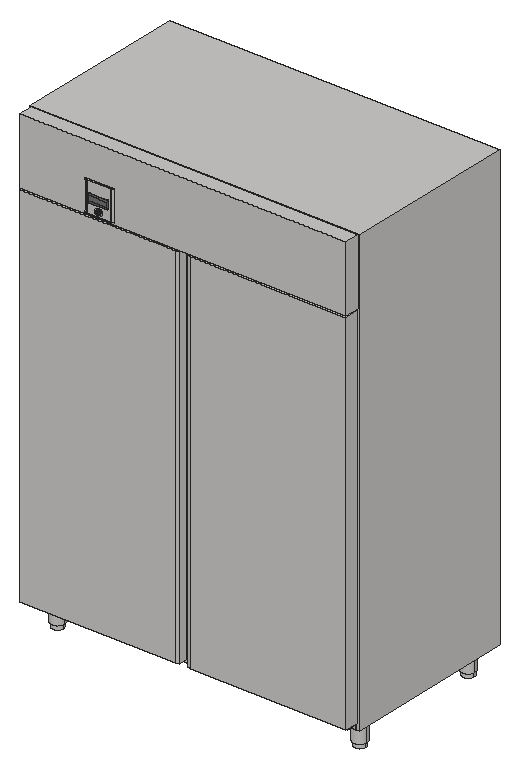
Revit family "QF_ELECTROLUXPROFESSIONAL_725394_REX142FFH", category Specialty Equipment, Revit 2018
Family settings
  Round Connector Dimension = Use Diameter
  Part Type = Normal
  Work Plane-Based = No
  Always vertical = Yes
  Cut with Voids When Loaded = No
  Shared = No
  Room Calculation Point = No
Parameters (values of type "Standard")
  Weight = 210.00 kg
  Watts = 0 W
  Volts = 220 V
  URL Manufacturer = "http://professional.electrolux.com"
  URL = "http://professional.electrolux.com"
  Steam Supply Size = 0 mm
  Steam Supply Minimum Pressure = 0.0 Pa
  Steam Supply Maximum Pressure = 0.0 Pa
  Steam Pounds per Hour = 0
  Refrigeration Suction Line Size = 0 mm
  Refrigeration Liquid Line Size = 0 mm
  Refrigerant Compressor Remote = yes
  Manufacturer = "Electrolux Professional"
  Phase = 1
  Model = "REX142FFH"
  Length Actual = 1441 mm  # constant formula
  Item Number = "725394"
  Hot Water Size = 0 mm
  Height Actual = 2050 mm  # constant formula
  HP = "0.9 HP"
  Gas Size = 0 mm
  Gas KW = 0
  Gas Input Pressure = 0 W
  Direct Waste Size = 0 mm
  Description = "2-DOOR FREEZER 1430L -22-15°C, DIGITAL WITH LIGHT, A304-R290"
  Depth Actual = 835 mm  # constant formula
  Cycle = 50 Hz
  Condensate Return Size = 0 mm
  Compressed Air Volume = 0.0 L/s
  Compressed Air Size = 0 mm
  Compressed Air Pressure = 0.0 Pa
  Cold Water Size = 0 mm
  Accessory = yes
Reference planes
  plane 1 "Center (Front/Back)": y = 0
  plane 2: z = 0
  plane 3 "Center (Left/Right)": x = 0
  plane 4 "BASE": z = 110
  plane 5 "TOP": z = 2050
  plane 6 "FRONT": y = -417.5
  plane 7 "BACK": y = 417.5
  plane 8 "LEFT": x = -720.5
  plane 9 "RIGHT": x = 720.5
Forms (mm)
  Extrusion 1, solid, material "QF_Finishes_Stainless Steel"
    sketch origin (0, 0, 0) x (1, 0, 0) y (0, 1, 0)
      loop
        circle (-643.5, 344.5) r 25
      loop
        circle (643.5, 344.5) r 25
      loop
        circle (-660.5, -269.5) r 25
      loop
        circle (660.5, -269.5) r 25
      loop
        circle (0, -121) r 25
    from 0 to 20
  Extrusion 2, solid, material "QF_Finishes_Stainless Steel"
    sketch origin (0, 0, 0) x (1, 0, 0) y (0, 1, 0)
      loop
        circle (-643.5, 344.5) r 30
      loop
        circle (643.5, 344.5) r 30
      loop
        circle (660.5, -269.5) r 30
      loop
        circle (-660.5, -269.5) r 30
      loop
        circle (0, -121) r 30
    from 20 to 110
  Extrusion 3, solid, material "QF_Finishes_Stainless Steel"
    sketch origin (0, 0, 110) x (-1, 0, 0) y (0, -1, 0)
      loop
        line (720.5, -417.5) -> (720.5, 345.5) -> (-720.5, 345.5) -> (-720.5, -417.5) -> (720.5, -417.5)
    from 0 to 1940
  Extrusion 4, solid
    sketch origin (0, 417.5, 1685) x (-1, 0, 0) y (0, 0, 1)
      loop
        circle (704.5, 124) r 10
    from 0 to 3.2
  Extrusion 5, solid, material "QF_Door-Drawer Clearances", detail levels coarse
    sketch origin (0, 0, 110) x (-1, 0, 0) y (0, -1, 0)
      loop
        line (-712.5, 409.5) -> (-648.5, 409.5) -> (-648.5, 1006.5) -> (-666.5, 1006.5) -> (-666.5, 1024.5) -> (-688.5, 1024.5) -> (-688.5, 1062.5) -> (-712.5, 1062.5) -> (-712.5, 409.5)
    from 1642.965 to 28
  Extrusion 6, solid, material "QF_Door-Drawer Clearances", detail levels coarse
    sketch origin (0, 0, 110) x (-1, 0, 0) y (0, -1, 0)
      loop
        line (-648.5, 409.5) -> (0, 409.5)
        arc (0, 409.5) -> (-211.9, 875.546) -> (-688.5, 1062.5) r 681.392
        line (-688.5, 1062.5) -> (-688.5, 1024.5) -> (-666.5, 1024.5) -> (-666.5, 1006.5) -> (-648.5, 1006.5) -> (-648.5, 409.5)
    from 1642.965 to 28
  Extrusion 7, solid, material "QF_Clearances", detail levels coarse
    sketch origin (0, 0, 110) x (-1, 0, 0) y (0, -1, 0)
      loop
        line (720.5, 417.5) -> (720.5, -417.5) -> (-720.5, -417.5) -> (-720.5, 417.5) -> (-750.5, 417.5) -> (-750.5, -447.5) -> (750.5, -447.5) -> (750.5, 417.5) -> (720.5, 417.5)
    from -110 to 1940
  Extrusion 8, solid, material "QF_Clearances", detail levels coarse
    sketch origin (0, 0, 2050) x (-1, 0, 0) y (0, -1, 0)
      loop
        line (750.5, -447.5) -> (750.5, 417.5) -> (-750.5, 417.5) -> (-750.5, -447.5) -> (750.5, -447.5)
    from 0 to 500
  Extrusion 9, void
    sketch origin (0, 417.5, 0) x (-1, 0, 0) y (0, 0, 1)
      loop
        line (645.5, 1724) -> (430, 1724) -> (430, 1695) -> (-430, 1695) -> (-430, 1724) -> (-645.5, 1724) -> (-645.5, 180) -> (-322.75, 170.906) -> (0, 180) -> (322.75, 170.906) -> (645.5, 180) -> (645.5, 1724)
    from -56 to -763
  Extrusion 10, solid, material "QF_Door-Drawer Clearances", detail levels coarse
    sketch origin (0, 0, 110) x (1, 0, 0) y (0, 1, 0)
      loop
        line (-712.5, -409.5) -> (-712.5, -1062.5) -> (-688.5, -1062.5) -> (-688.5, -1024.5) -> (-666.5, -1024.5) -> (-666.5, -1006.5) -> (-648.5, -1006.5) -> (-648.5, -409.5) -> (-712.5, -409.5)
    from 1642.965 to 28
  Extrusion 11, solid, material "QF_Door-Drawer Clearances", detail levels coarse
    sketch origin (0, 0, 110) x (1, 0, 0) y (0, 1, 0)
      loop
        line (-648.5, -409.5) -> (-648.5, -1006.5) -> (-666.5, -1006.5) -> (-666.5, -1024.5) -> (-688.5, -1024.5) -> (-688.5, -1062.5)
        arc (-688.5, -1062.5) -> (-211.9, -875.546) -> (0, -409.5) r 681.392
        line (0, -409.5) -> (-648.5, -409.5)
    from 1642.965 to 28
  Extrusion 12, solid, material "QF_Finishes_Stainless Steel"
    sketch origin (0, 417.5, 0) x (-1, 0, 0) y (0, 0, 1)
      loop
        line (40, 170.62) -> (40, 1695) -> (-40, 1695) -> (-40, 170.62) -> (0, 170) -> (40, 170.62)
    from -723 to -763
Cuts and joins
  joined: Extrusion 7, Extrusion 8
  Extrusion 9 cuts Extrusion 3
Lines and regions (mm)
  symbolic lines, style "SpecialityEquipmentHiddenLines"
    curve 1: line (712.5, -409.5, 110) -> (712.5, -1062.5, 110)
    curve 2: line (712.5, -1062.5, 110) -> (688.5, -1062.5, 110)
    curve 3: line (648.5, -409.5, 110) -> (648.5, -1006.5, 110)
    curve 4: line (688.5, -1062.5, 110) -> (688.5, -1024.5, 110)
    curve 5: line (688.5, -1024.5, 110) -> (666.5, -1024.5, 110)
    curve 6: line (666.5, -1024.5, 110) -> (666.5, -1006.5, 110)
    curve 7: line (666.5, -1006.5, 110) -> (648.5, -1006.5, 110)
    curve 13: arc (0, -409.5, 110) -> (211.9, -875.546, 110) -> (688.5, -1062.5, 110) r 681.392
    curve 14: line (-712.5, -1062.5, 110) -> (-688.5, -1062.5, 110)
    curve 15: line (-648.5, -409.5, 110) -> (-648.5, -1006.5, 110)
    curve 16: line (-688.5, -1062.5, 110) -> (-688.5, -1024.5, 110)
    curve 17: line (-688.5, -1024.5, 110) -> (-666.5, -1024.5, 110)
    curve 18: line (-666.5, -1024.5, 110) -> (-666.5, -1006.5, 110)
    curve 19: line (-666.5, -1006.5, 110) -> (-648.5, -1006.5, 110)
    curve 20: arc (0, -409.5, 110) -> (-211.9, -875.546, 110) -> (-688.5, -1062.5, 110) r 681.392
    curve 21: line (-712.5, -409.5, 110) -> (-712.5, -1062.5, 110)
  symbolic lines, style "QF_Clearances", detail levels coarse
    curve 8: line (-720.5, -417.5, 2050) -> (-750.5, -417.5, 2050)
    curve 9: line (-750.5, -417.5, 2050) -> (-750.5, 447.5, 2050)
    curve 10: line (-750.5, 447.5, 2050) -> (750.5, 447.5, 2050)
    curve 11: line (750.5, 447.5, 2050) -> (750.5, -417.5, 2050)
    curve 12: line (750.5, -417.5, 2050) -> (720.5, -417.5, 2050)
Dimensions and locks
  equal spacing: plane 7 "BACK", plane 1 "Center (Front/Back)", plane 6 "FRONT"
  equal spacing: plane 8 "LEFT", plane 3 "Center (Left/Right)", plane 9 "RIGHT"
  plane 8 "LEFT" to plane 9 "RIGHT" = 1441 mm
  plane 7 "BACK" to plane 6 "FRONT" = 835 mm
  plane 5 "TOP" to plane 2 = 2050 mm
  aligned and locked: level to plane 2
Automatic sketch dimensions
  curve 12 to plane 6 "FRONT" = 0 mm
  curve 12 to plane 9 "RIGHT" = 0 mm
  curve 8 to plane 6 "FRONT" = 0 mm
  curve 8 to plane 8 "LEFT" = 0 mm
  curve 10 to plane 9 "RIGHT" = 30 mm
  curve 8 to curve 9 = 30 mm
  plane 7 "BACK" to curve 10 = 30 mm
  Extrusion 1 sketch curve to plane 3 "Center (Left/Right)" = 0 mm
  plane 8 "LEFT" to Extrusion 1 sketch curve = 77 mm
  plane 8 "LEFT" to Extrusion 1 sketch curve = 60 mm
  plane 9 "RIGHT" to Extrusion 1 sketch curve = 77 mm
  plane 9 "RIGHT" to Extrusion 1 sketch curve = 60 mm
  plane 6 "FRONT" to Extrusion 1 sketch curve = 148 mm  (x2)
  plane 1 "Center (Front/Back)" to Extrusion 1 sketch curve = 121 mm
  Extrusion 1 sketch curve to plane 7 "BACK" = 73 mm  (x2)
  Extrusion 2 sketch curve to plane 3 "Center (Left/Right)" = 0 mm
  plane 8 "LEFT" to Extrusion 2 sketch curve = 77 mm
  plane 8 "LEFT" to Extrusion 2 sketch curve = 60 mm
  plane 9 "RIGHT" to Extrusion 2 sketch curve = 77 mm
  plane 9 "RIGHT" to Extrusion 2 sketch curve = 60 mm
  plane 6 "FRONT" to Extrusion 2 sketch curve = 148 mm  (x2)
  plane 1 "Center (Front/Back)" to Extrusion 2 sketch curve = 121 mm
  Extrusion 2 sketch curve to plane 7 "BACK" = 73 mm  (x2)
  Extrusion 3 sketch curve to plane 7 "BACK" = 0 mm
  Extrusion 3 sketch curve to plane 9 "RIGHT" = 0 mm
  Extrusion 3 sketch curve to plane 8 "LEFT" = 0 mm
  plane 6 "FRONT" to Extrusion 3 sketch curve = 72 mm
  plane 8 "LEFT" to Extrusion 4 sketch curve = 16 mm
  Extrusion 4 sketch curve to plane 5 "TOP" = 241 mm
  plane 9 "RIGHT" to Extrusion 5 sketch curve = 8 mm
  plane 9 "RIGHT" to Extrusion 5 sketch curve = 32 mm
  Extrusion 5 sketch curve to Extrusion 5 sketch curve = 22 mm
  plane 6 "FRONT" to Extrusion 5 sketch curve = 8 mm
  Extrusion 5 sketch curve to Extrusion 5 sketch curve = 64 mm
  Extrusion 5 sketch curve to plane 6 "FRONT" = 589 mm
  Extrusion 5 sketch curve to Extrusion 5 sketch curve = 18 mm
  Extrusion 5 sketch curve to Extrusion 5 sketch curve = 38 mm
  Extrusion 6 sketch curve to plane 3 "Center (Left/Right)" = 0 mm
  plane 9 "RIGHT" to Extrusion 6 sketch curve = 72 mm
  Extrusion 6 sketch curve to Extrusion 6 sketch curve = 18 mm  (x2)
  plane 9 "RIGHT" to Extrusion 6 sketch curve = 39.698 mm
  Extrusion 6 sketch curve to Extrusion 6 sketch curve = 22 mm
  plane 6 "FRONT" to Extrusion 6 sketch curve = 36.349 mm
  plane 6 "FRONT" to Extrusion 6 sketch curve = 8 mm
  Extrusion 6 sketch curve to Extrusion 6 sketch curve = 56 mm
  Extrusion 7 sketch curve to plane 6 "FRONT" = 0 mm  (x2)
  Extrusion 7 sketch curve to plane 7 "BACK" = 0 mm
  Extrusion 7 sketch curve to plane 9 "RIGHT" = 0 mm
  Extrusion 7 sketch curve to plane 8 "LEFT" = 0 mm
  Extrusion 7 sketch curve to plane 9 "RIGHT" = 30 mm
  Extrusion 7 sketch curve to Extrusion 7 sketch curve = 30 mm
  plane 7 "BACK" to Extrusion 7 sketch curve = 30 mm
  Extrusion 8 sketch curve to plane 6 "FRONT" = 0 mm
  Extrusion 8 sketch curve to plane 9 "RIGHT" = 30 mm
  Extrusion 8 sketch curve to plane 8 "LEFT" = 30 mm
  plane 7 "BACK" to Extrusion 8 sketch curve = 30 mm
  Extrusion 10 sketch curve to plane 8 "LEFT" = 8 mm
  Extrusion 10 sketch curve to plane 8 "LEFT" = 32 mm
  Extrusion 10 sketch curve to Extrusion 10 sketch curve = 22 mm
  Extrusion 10 sketch curve to plane 6 "FRONT" = 8 mm
  Extrusion 10 sketch curve to Extrusion 10 sketch curve = 64 mm
  plane 6 "FRONT" to Extrusion 10 sketch curve = 589 mm
  Extrusion 10 sketch curve to Extrusion 10 sketch curve = 18 mm
  Extrusion 10 sketch curve to Extrusion 10 sketch curve = 38 mm
  Extrusion 11 sketch curve to plane 3 "Center (Left/Right)" = 0 mm
  Extrusion 11 sketch curve to plane 8 "LEFT" = 72 mm
  Extrusion 11 sketch curve to Extrusion 11 sketch curve = 18 mm  (x2)
  Extrusion 11 sketch curve to plane 8 "LEFT" = 39.698 mm
  Extrusion 11 sketch curve to Extrusion 11 sketch curve = 22 mm
  Extrusion 11 sketch curve to plane 6 "FRONT" = 36.349 mm
  Extrusion 11 sketch curve to plane 6 "FRONT" = 8 mm
  Extrusion 11 sketch curve to Extrusion 11 sketch curve = 56 mm
  Extrusion 12 sketch curve to plane 3 "Center (Left/Right)" = 0 mm
  plane 3 "Center (Left/Right)" to Extrusion 12 sketch curve = 40 mm
  Extrusion 12 sketch curve to plane 3 "Center (Left/Right)" = 40 mm
  plane 4 "BASE" to Extrusion 12 sketch curve = 60 mm
  Extrusion 12 sketch curve to Extrusion 12 sketch curve = 0.62 mm  (x2)
  Extrusion 12 sketch curve to Extrusion 12 sketch curve = 1524.38 mm
  Extrusion 9 sketch curve to plane 3 "Center (Left/Right)" = 0 mm
  plane 4 "BASE" to Extrusion 9 sketch curve = 60.906 mm  (x2)
  plane 3 "Center (Left/Right)" to Extrusion 9 sketch curve = 322.75 mm
  plane 9 "RIGHT" to Extrusion 9 sketch curve = 290.5 mm
  plane 9 "RIGHT" to Extrusion 9 sketch curve = 75 mm
  Extrusion 9 sketch curve to plane 3 "Center (Left/Right)" = 322.75 mm
  plane 8 "LEFT" to Extrusion 9 sketch curve = 290.5 mm
  plane 8 "LEFT" to Extrusion 9 sketch curve = 75 mm
  plane 4 "BASE" to Extrusion 9 sketch curve = 70 mm  (x3)
  Extrusion 9 sketch curve to plane 5 "TOP" = 355 mm
  Extrusion 9 sketch curve to Extrusion 9 sketch curve = 29 mm  (x2)
  curve 20 to plane 3 "Center (Left/Right)" = 0 mm
  plane 9 "RIGHT" to curve 3 = 72 mm
  curve 5 to curve 3 = 18 mm
  plane 9 "RIGHT" to curve 13 = 39.698 mm
  curve 4 to curve 5 = 22 mm
  plane 9 "RIGHT" to curve 2 = 8 mm
  plane 8 "LEFT" to curve 19 = 72 mm
  curve 15 to curve 18 = 18 mm
  plane 8 "LEFT" to curve 20 = 39.698 mm
  curve 17 to curve 16 = 22 mm
  plane 8 "LEFT" to curve 14 = 8 mm
  plane 6 "FRONT" to curve 20 = 36.349 mm
  plane 6 "FRONT" to curve 13 = 36.349 mm
  curve 15 to plane 6 "FRONT" = 589 mm
  curve 3 to plane 6 "FRONT" = 589 mm
  curve 6 to curve 5 = 18 mm
  curve 18 to curve 18 = 18 mm
  curve 16 to curve 16 = 38 mm
  plane 6 "FRONT" to curve 15 = 8 mm
  plane 6 "FRONT" to curve 3 = 8 mm
  plane 6 "FRONT" to curve 21 = 8 mm
  plane 6 "FRONT" to curve 1 = 8 mm
  radius of Extrusion 1 sketch curve = 25 mm  (x5)
  radius of Extrusion 2 sketch curve = 30 mm  (x5)
  radius of Extrusion 4 sketch curve = 10 mm
Nested families
  nested 1: "QF_727995_Door" at (0, -345.5, 968.365) x (1, 0, 0) z (0, -1, 0), type "QF_727995_Door"
    with Show Clearance yes
  nested 2: "Freezer" at (720.5, -417.5, 110), type "Freezer"
Connectors
  electrical at (-704.5, 420.7, 1809), driven by "Volts"
    settings: on Extrusion 4, index 2, voltage 220 V, apparent load 0 VA, apparent load phase1 0 VA, apparent load phase2 0 VA, apparent load phase3 0 VA, power factor 1, load classification "Other", number of poles 1, system type 30, power factor state 1, is connector primary yes, connector utility no, sub classification motor no, connector description "Electrical Connection"
Definition of nested family "QF_727995_Door"
  Parameters
    Show Clearance [instance] = yes
    Model = "727995"
    Default Elevation = 0 mm
  Reference planes
    plane 1 "Center (Front/Back)": y = 0
    plane 2: z = 0
    plane 3 "Center (Left/Right)": x = 0
    plane 4 "panel": z = 64
  Forms (mm)
    Extrusion 1, solid
      sketch origin (0, -919.2, 0) x (1, 0, 0) y (0, 1, 0)
        loop
          line (-980.5, 2119.2) -> (-980.5, -162.846) -> (881.94, -162.846) -> (881.94, 2119.2) -> (-980.5, 2119.2)
      from 0 to -59.546
    Extrusion 2, solid
      sketch origin (365.5, 0, 0) x (1, 0, 0) y (0, 0, 1)
        loop
          line (-347, 26) -> (-325, 26) -> (-325, 8) -> (-307, 8) -> (-307, 0) -> (339, 0) -> (339, 8) -> (347, 8) -> (347, 64) -> (-332, 64) -> (-347, 60) -> (-347, 26)
      from -784.6 to 830.4
    Extrusion 3, solid
      sketch origin (484.5, -516.365, 0) x (0, 1, 0) y (0, 0, 1)
        loop
          line (-323.003, 40.312) -> (-316.501, 40.312) -> (-316.501, 42.812) -> (-325.503, 42.812) -> (-325.503, 2.5) -> (-342, 2.5) -> (-342, 0) -> (-323.003, 0) -> (-323.003, 12.259) -> (-323.003, 40.312)
        loop
          line (-314, 38.311) -> (-316.501, 38.311) -> (-316.501, 14.304) -> (-319.752, 14.304) -> (-319.752, 11.804) -> (-314, 11.804) -> (-314, 38.311)
      from 185 to 220
    Extrusion 4, solid
      sketch origin (484.5, 469.597, 0) x (0, 1, 0) y (0, 0, 1)
        loop
          line (315.003, 27.948) -> (315.003, 2.948) -> (315.003, 0) -> (322.003, 0) -> (322.003, 2.5) -> (317.503, 2.5) -> (317.503, 27.948) -> (315.003, 27.948)
      from 185 to 220
    Extrusion 5, solid
      sketch origin (-365.5, 0, 0) x (-1, 0, 0) y (0, 0, -1)
        loop
          line (-1078, -64) -> (347, -64) -> (347, 0) -> (-1078, 0) -> (-1078, -64)
      from -1081.6 to -791.6
    Extrusion 6, solid
      sketch origin (-365.5, 0, 0) x (-1, 0, 0) y (0, 0, -1)
        loop
          line (-347, -26) -> (-347, -60) -> (-332, -64) -> (347, -64) -> (347, -8) -> (339, -8) -> (339, 0) -> (-307, 0) -> (-307, -8) -> (-325, -8) -> (-325, -26) -> (-347, -26)
      from -784.6 to 830.4
    Extrusion 7, solid
      sketch origin (-484.5, -516.365, 0) x (0, 1, 0) y (0, 0, -1)
        loop
          line (-323.003, -40.312) -> (-323.003, -12.259) -> (-323.003, 0) -> (-342, 0) -> (-342, -2.5) -> (-325.503, -2.5) -> (-325.503, -42.812) -> (-316.501, -42.812) -> (-316.501, -40.312) -> (-323.003, -40.312)
        loop
          line (-314, -38.311) -> (-314, -11.804) -> (-319.752, -11.804) -> (-319.752, -14.304) -> (-316.501, -14.304) -> (-316.501, -38.311) -> (-314, -38.311)
      from 185 to 220
    Extrusion 8, solid
      sketch origin (-484.5, 469.597, 0) x (0, 1, 0) y (0, 0, -1)
        loop
          line (315.003, -27.948) -> (317.503, -27.948) -> (317.503, -2.5) -> (322.003, -2.5) -> (322.003, 0) -> (315.003, 0) -> (315.003, -2.948) -> (315.003, -27.948)
      from 185 to 220
  Lines and regions (mm)
    symbolic lines
      curve 1: line (-712.5, 0, 64) -> (712.5, 0, 64)
      curve 2: line (712.5, 0, 0) -> (-712.5, 0, 0)
      curve 3: line (712.5, 0, 64) -> (712.5, 0, 0)
      curve 4: line (704.5, 0, 8) -> (712.5, 0, 8)
      curve 5: line (704.5, 0, 8) -> (704.5, 0, 0)
      curve 6: line (-376.111, 0, 72) -> (-356.111, 0, 72)
      curve 7: line (-376.111, 0, 66) -> (-376.111, 0, 72)
      curve 8: line (-356.111, 0, 72) -> (-356.111, 0, 66)
      curve 9: line (-380.111, 0, 66) -> (-352.111, 0, 66)
      curve 10: line (-380.111, 0, 64) -> (-380.111, 0, 66)
      curve 11: line (-352.111, 0, 66) -> (-352.111, 0, 64)
      curve 12: line (-712.5, 0, 64) -> (-712.5, 0, 0)
      curve 13: line (-704.5, 0, 8) -> (-712.5, 0, 8)
      curve 14: line (-704.5, 0, 8) -> (-704.5, 0, 0)
  Dimensions and locks
    aligned and locked: plane 2 to Extrusion 1
    aligned and locked: level to Extrusion 1
  Nested families
    nested 1: "QF_DisplayStandardCabinets" at (-365.5, 863.6, 64), type "QF_DisplayStandardCabinets"
      with Show Clearance yes, Default Elevation 0 mm
  Definition of nested family "QF_DisplayStandardCabinets"
    Parameters
      Show Clearance [instance] = yes
      Model = "728658"
      Default Elevation = 1219.2 mm
    Reference planes
      plane 1 "Center (Front/Back)": y = 0
      plane 2: z = 0
      plane 3 "Center (Left/Right)": x = 0
    Forms (mm)
      Extrusion 1, solid
        sketch origin (0, -919.2, 0) x (1, 0, 0) y (0, 1, 0)
          loop
            line (-198.75, 1146.2) -> (-198.75, 709.567) -> (165.741, 709.567) -> (165.741, 1146.2) -> (-198.75, 1146.2)
        from 0 to -59.546
      Extrusion 2, solid
        sketch origin (-59, -44.611, 0) x (0, 1, 0) y (-1, 0, 0)
          loop
            circle (0.611, -59) r 14
        from 5 to 7
      Extrusion 3, solid
        sketch origin (744.635, 320.889, 0) x (0, 1, 0) y (-1, 0, 0)
          loop
            circle (-364.889, 744.635) r 10
          loop
            circle (-364.889, 744.635) r 9
        from 5 to 8
      Extrusion 4, solid
        sketch origin (744.635, 320.889, 0) x (0, 1, 0) y (-1, 0, 0)
          loop
            circle (-364.889, 744.635) r 8.7
        from 5 to 8
      Extrusion 5, void
        sketch origin (744.635, 320.889, 0) x (0, 1, 0) y (-1, 0, 0)
          loop
            line (-372.339, 745.885) -> (-372.339, 743.385) -> (-362.339, 743.385) -> (-362.339, 745.885) -> (-372.339, 745.885)
        from 8.592 to 6.269
      Blend 6, solid
        base sketch origin (365.719, -803.635, 0) x (1, 0, 0) y (0, 1, 0)
          loop
            arc (-424.229, 873.635) -> (-428.653, 871.803) -> (-430.485, 867.38) r 6.255
            line (-430.485, 867.38) -> (-430.485, 739.89)
            arc (-430.485, 739.89) -> (-428.653, 735.467) -> (-424.229, 733.635) r 6.255
            line (-424.229, 733.635) -> (-307.728, 733.635)
            arc (-307.728, 733.635) -> (-303.305, 735.467) -> (-301.473, 739.89) r 6.255
            line (-301.473, 739.89) -> (-301.473, 867.38)
            arc (-301.473, 867.38) -> (-303.305, 871.803) -> (-307.728, 873.635) r 6.255
            line (-307.728, 873.635) -> (-424.229, 873.635)
        top sketch origin (365.719, -803.635, 0) x (1, 0, 0) y (0, 1, 0)
          loop
            line (-418.756, 738.326) -> (-313.201, 738.326) -> (-313.201, 868.943) -> (-418.756, 868.943) -> (-418.756, 738.326)
        from 0 to 4
      Extrusion 7, solid
        sketch origin (744.635, 320.889, 0) x (0, 1, 0) y (-1, 0, 0)
          loop
            line (-372.339, 745.885) -> (-372.339, 743.385) -> (-362.339, 743.385) -> (-362.339, 745.885) -> (-372.339, 745.885)
        from 6 to 8
      Extrusion 8, void
        sketch origin (0, 0, 0) x (1, 0, 0) y (0, 1, 0)
          loop
            line (-53.037, 65.309) -> (-53.037, -65.309) -> (52.518, -65.309) -> (52.518, 65.309) -> (-53.037, 65.309)
        from 5 to 2
      Extrusion 9, solid
        sketch origin (0, 0, 0) x (1, 0, 0) y (0, 1, 0)
          loop
            line (-51.473, 63.745) -> (-51.473, -63.745) -> (50.954, -63.745) -> (50.954, 63.745) -> (-51.473, 63.745)
        from 2.2 to 4
      Extrusion 10, solid
        sketch origin (0, -30, 0) x (0, 1, 0) y (0, 0, 1)
          loop
            line (10.404, 4) -> (17.404, 4) -> (17.404, 8)
            arc (17.404, 8) -> (13.868, 7.749) -> (10.404, 7) r 25
            line (10.404, 7) -> (10.404, 4)
          loop
            arc (47.404, 7) -> (43.939, 7.749) -> (40.404, 8) r 25
            line (40.404, 8) -> (40.404, 4) -> (47.404, 4) -> (47.404, 7)
        from 40 to -40
      Extrusion 11, solid
        sketch origin (0, -30, 0) x (1, 0, 0) y (0, 1, 0)
          loop
            line (-40, 40.404) -> (-40, 17.404) -> (40, 17.404) -> (40, 40.404) -> (-40, 40.404)
        from 8 to 4
    Cuts and joins
      Extrusion 5 cuts Extrusion 4
      Extrusion 8 cuts Blend 6
      joined: Extrusion 10, Extrusion 11
    Lines and regions (mm)
      Split face 1
        outline origin (-41, 10.404, 8) x (-1, 0, 0) y (0, -1, 0)
          loop
            line (-72.157, 0.05) -> (-72.157, 10.5) -> (-78.157, 10.5) -> (-78.157, 0.05) -> (-72.157, 0.05)
      Split face 2
        outline origin (-50, 10.404, 8) x (-1, 0, 0) y (0, -1, 0)
          loop
            line (-72.157, 0.05) -> (-72.157, 10.5) -> (-78.157, 10.5) -> (-78.157, 0.05) -> (-72.157, 0.05)
      Split face 3
        outline origin (-50, 10.404, 8) x (-1, 0, 0) y (0, -1, 0)
          loop
            line (-72.157, 12.45) -> (-72.157, 22.9) -> (-78.157, 22.9) -> (-78.157, 12.45) -> (-72.157, 12.45)
      Split face 4
        outline origin (-50, 10.404, 8) x (-1, 0, 0) y (0, -1, 0)
          loop
            line (-81.157, 12.45) -> (-81.157, 22.9) -> (-87.157, 22.9) -> (-87.157, 12.45) -> (-81.157, 12.45)
      Split face 5
        outline origin (-50, 10.404, 8) x (-1, 0, 0) y (0, -1, 0)
          loop
            line (-13, 0.1) -> (-13, 22.9) -> (-69, 22.9) -> (-69, 0.1) -> (-13, 0.1)
      symbolic lines
        curve 1: line (52.518, 0, 4) -> (-53.037, 0, 4)
        curve 2: line (40, 0, 4) -> (40, 0, 8)
        curve 3: line (40, 0, 8) -> (-40, 0, 8)
        curve 4: line (-40, 0, 8) -> (-40, 0, 4)
        curve 5: line (-64.765, 0, 0) -> (-53.037, 0, 4)
        curve 6: line (52.518, 0, 4) -> (64.135, 0, 0)
    Dimensions and locks
      aligned and locked: plane 2 to Extrusion 1
      aligned and locked: level to Extrusion 1
Definition of nested family "Freezer"
  Reference planes
    plane 1 "Center (Front/Back)": y = 0
    plane 2: z = 0
    plane 3 "Center (Left/Right)": x = 0
  Lines and regions (mm)
    detail lines, in view "Ref. Level"
      curve 1: spline (-500, 190, 0) -> (-493.185, 166.706, 0) -> (-473.205, 145, 0) -> (-441.421, 126.36, 0) -> (-400, 112.058, 0) -> (-351.764, 103.067, 0) -> (-300, 100, 0) -> (-248.236, 103.067, 0) -> (-200, 112.058, 0) -> (-158.579, 126.36, 0) -> (-126.795, 145, 0) -> (-106.815, 166.706, 0) -> (-100, 190, 0) -> (-106.815, 213.294, 0) -> (-126.795, 235, 0) -> (-158.579, 253.64, 0) -> (-200, 267.942, 0) -> (-248.236, 276.933, 0) -> (-300, 280, 0) -> (-351.764, 276.933, 0) -> (-400, 267.942, 0) -> (-441.421, 253.64, 0) -> (-473.205, 235, 0) -> (-493.185, 213.294, 0) -> (-500, 190, 0)
      curve 2: line (-220, 130, 0) -> (-220, 250, 0)
      curve 3: line (-271.962, 220, 0) -> (-168.038, 160, 0)
      curve 4: line (-271.962, 160, 0) -> (-168.038, 220, 0)
      curve 5: line (-200.884, 246.873, 0) -> (-220, 225, 0)
      curve 6: line (-220, 225, 0) -> (-239.116, 246.873, 0)
      curve 7: line (-250.311, 207.5, 0) -> (-260, 235.883, 0)
      curve 8: line (-279.736, 201.7, 0) -> (-250.311, 207.5, 0)
      curve 9: line (-250.311, 172.5, 0) -> (-279.736, 178.3, 0)
      curve 10: line (-260, 144.117, 0) -> (-250.311, 172.5, 0)
      curve 11: line (-220, 155, 0) -> (-239.116, 133.127, 0)
      curve 12: line (-200.884, 133.127, 0) -> (-220, 155, 0)
      curve 13: line (-189.689, 172.5, 0) -> (-180.304, 145.008, 0)
      curve 14: line (-161.188, 178.118, 0) -> (-189.689, 172.5, 0)
      curve 15: line (-189.689, 207.5, 0) -> (-161.188, 201.882, 0)
      curve 16: line (-180.304, 234.992, 0) -> (-189.689, 207.5, 0)
      curve 17: line (-380, 130, 0) -> (-380, 250, 0)
      curve 18: line (-431.962, 220, 0) -> (-328.038, 160, 0)
      curve 19: line (-431.962, 160, 0) -> (-328.038, 220, 0)
      curve 20: line (-360.884, 246.873, 0) -> (-380, 225, 0)
      curve 21: line (-380, 225, 0) -> (-399.116, 246.873, 0)
      curve 22: line (-410.311, 207.5, 0) -> (-419.696, 234.992, 0)
      curve 23: line (-438.812, 201.882, 0) -> (-410.311, 207.5, 0)
      curve 24: line (-410.311, 172.5, 0) -> (-438.812, 178.118, 0)
      curve 25: line (-419.696, 145.008, 0) -> (-410.311, 172.5, 0)
      curve 26: line (-380, 155, 0) -> (-399.116, 133.127, 0)
      curve 27: line (-360.884, 133.127, 0) -> (-380, 155, 0)
      curve 28: line (-349.689, 172.5, 0) -> (-340, 144.117, 0)
      curve 29: line (-320.264, 178.3, 0) -> (-349.689, 172.5, 0)
      curve 30: line (-349.689, 207.5, 0) -> (-320.264, 201.7, 0)
      curve 31: line (-340, 235.883, 0) -> (-349.689, 207.5, 0)
